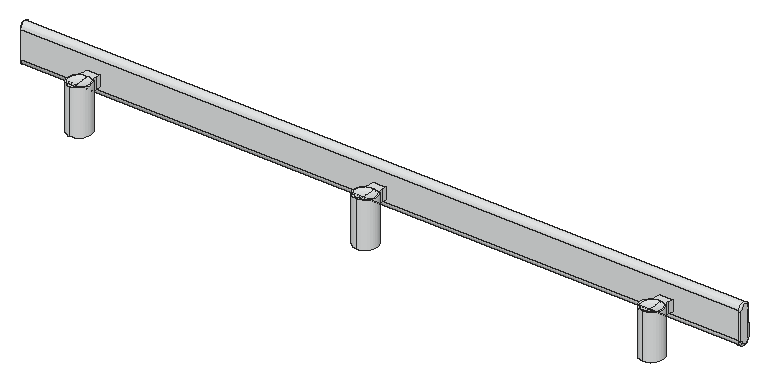
Revit family "Accessory-Shower_Bar-KOHLER-CHOREOGRAPH-K-97627", category Specialty Equipment, host Face, Revit 2021
Family settings
  Host = Face
  Round Connector Dimension = Use Diameter
  Part Type = Normal
  OmniClass Number = 23.31.25.00
  Cut with Voids When Loaded = No
  Shared = No
  Room Calculation Point = No
Parameters (values of type "SHP- Bright Polished Silver")
  Width = 3 1/2"  # constant formula
  WaterSense Certified = 1 = 0  # no
  URL = "https://www.us.kohler.com/us/"
  Type = 1
  Product Page URL = "http://www.us.kohler.com/us/catalog/productDetails.jsp?productNumber=97627"
  Product Name = "Choreograph"  # constant formula
  Product Documentation Link = "https://www.us.kohler.com/webassets/kpna/catalog/pdf/en/K-97627_spec.pdf"
  Model = if(Type = 1, "K-97627-SHP", if(Type = 2, "K-97627-ABZ", if(Type = 3, "K-97627-BNK", if(Type = 4, "K-97627-2MB", if(Type = 5, "K-97627-BL", "NA")))))  # "K-97627-SHP"
  Material = "Anodized Aluminum"  # constant formula
  Master Format 2014 Name = "Toilet, Bath, and Laundry Accessories"  # constant formula
  Master Format 2014 = "10 28 00"  # constant formula
  Manufacturer Address = "444 Highland Dr, Kohler, WI 53044"  # constant formula
  Manufacturer = "Kohler Co."  # constant formula
  Length = 40.25984"  # constant formula
  Height = 2 1/4"  # constant formula
  Finish = Kohler-Metal-SHP-Bright_Polished_Silver
  Environmental Product Declaration = ""
  Description = "40 Inch Shower Barre"  # constant formula
  Default Elevation = 42"
  Declare Label = ""
  Date Modified = "09/15/2024"  # constant formula
  Date Created = "03/04/2019"  # constant formula
  Copyright = "Copyright Kohler Co."  # constant formula
  Contact Us = "https://www.us.kohler.com/us/static/contact.jsp"
  Assembly Code = "C1030200"
  ADA Compliant = 1 = 0  # no
Types (5): name | Type | Model | Finish
  SHP- Bright Polished Silver | 1 | "K-97627-SHP" | Kohler-Metal-SHP-Bright_Polished_Silver
  ABZ- Anodized Dark Bronze | 2 | "K-97627-ABZ" | Kohler-Metal-ABZ-Anodized_Dark_Bronze
  BNK- Anodized Brushed Nickel | 3 | "K-97627-BNK" | Kohler-Metal-BNK-Anodized_Brushed_Nickel
  2MB-Vibrant Brushed Moderne Brass | 4 | "K-97627-2MB" | Kohler-Metal-2MB-Vibrant_Brushed_Moderne_Brass
  BL-Matte Black | 5 | "K-97627-BL" | Kohler-Metal-BL-Matte_Black
Reference planes (in)
  plane 1 "Center (Front/Back)": y = 0
  plane 2: z = 0
  plane 3 "Center (Left/Right)": x = 0
  plane 4: x = -16
  plane 5: x = 16
  plane 6: x = -20.12992
  plane 7: x = 20.12992
  plane 8: z = 3.5
  plane 9: z = 1.3796
  plane 10: y = -0.6238
  plane 11: y = -2.25
  plane 12: y = -1.62356
Dimensions and locks (in)
  "Width": plane 8 to plane 2
  "Length": plane 6 to plane 7
  "Height": plane 11 to plane 1 "Center (Front/Back)"
  aligned and locked: plane 2 to host face
  aligned and locked: level to host face
  aligned and locked: plane 12 to nested 1
  aligned and locked: nested 1 to plane 3 "Center (Left/Right)"
Automatic sketch dimensions
  host sketch curve to host sketch curve = 96"  (x2)
Nested families (in)
  nested 1: "K-97627" at (0, -1.62356, 0) x (-1, 0, 0) z (0, 0, 1), type "K-97627"
Definition of nested family "K-97627"
  Parameters (values of type "K-97627")
    ii = 32"
    Material = none
    Default Elevation = 0"
  Reference planes (in)
    plane 1 "Center (Front/Back)": y = 0
    plane 2: z = 0
    plane 3 "Center (Left/Right)": x = 0
    plane 4 "aa": x = -16
    plane 5 "bb": x = 16
    plane 6: z = 3.5
    plane 7: y = 0.62644
    plane 8: y = -1.62356
    plane 9: z = 1.3796
    plane 10: x = -20.12992
    plane 11: x = 20.12992
  Forms (in)
    Extrusion 1, solid, material <- "Material", detail levels medium+fine
      sketch origin (0, 0, 0) x (0, 1, 0) y (0, 0, 1)
        loop
          line (-1.62356, 3.1915) -> (-1.62356, 1.6915)
          arc (-1.62356, 1.6915) -> (-1.31166, 1.3796) -> (-0.99976, 1.6915) r 0.3119
          line (-0.99976, 1.6915) -> (-0.99976, 3.1915)
          arc (-0.99976, 3.1915) -> (-1.31166, 3.5034) -> (-1.62356, 3.1915) r 0.3119
      from -20.13161 to 20.13379
    Extrusion 2, solid, material <- "Material", detail levels medium+fine
      sketch origin (33, 0, 0) x (1, 0, 0) y (0, 1, 0)
        loop
          line (-17.34375, -0.99856) -> (-16.65673, -0.99856) -> (-16.65673, -0.69527)
          arc (-16.65673, -0.69527) -> (-16.63064, -0.55238) -> (-16.55574, -0.42793) r 0.40435
          line (-16.55574, -0.42793) -> (-16.61311, -0.42793)
          arc (-16.61311, -0.42793) -> (-16.99836, -0.59498) -> (-17.38362, -0.42793) r 0.52779
          line (-17.38362, -0.42793) -> (-17.44473, -0.42793)
          arc (-17.44473, -0.42793) -> (-17.36984, -0.55238) -> (-17.34375, -0.69527) r 0.40435
          line (-17.34375, -0.69527) -> (-17.34375, -0.99856)
      from 1.87311 to 2.4865
    Extrusion 3, solid, material <- "Material", detail levels coarse
      sketch origin (0, 0, 0) x (1, 0, 0) y (0, 1, 0)
        loop
          circle (-16, -0.00066) r 0.62442
        loop
          circle (0, -0.00066) r 0.62442
        loop
          circle (16, -0.00066) r 0.62442
      from 0 to 2.4865
    Extrusion 4, solid, material <- "Material", detail levels coarse
      sketch origin (0, 0, 0) x (1, 0, 0) y (0, 1, 0)
        loop
          line (-20.13122, -0.99976) -> (-20.13122, -1.62356) -> (20.13674, -1.62356) -> (20.13674, -0.99976) -> (-20.13122, -0.99976)
      from 1.37922 to 3.50683
    Extrusion 5, solid, material <- "Material", detail levels coarse
      sketch origin (0, 0, 0) x (1, 0, 0) y (0, 1, 0)
        loop
          line (-0.41728, -0.25294) -> (-0.41728, -0.99976) -> (0.41728, -0.99976) -> (0.41728, -0.25294) -> (-0.41728, -0.25294)
        loop
          line (-16.41728, -0.25294) -> (-16.41728, -0.99976) -> (-15.58272, -0.99976) -> (-15.58272, -0.25294) -> (-16.41728, -0.25294)
        loop
          line (15.58272, -0.25294) -> (15.58272, -0.99976) -> (16.41728, -0.99976) -> (16.41728, -0.25294) -> (15.58272, -0.25294)
      from 1.87311 to 2.4865
    Revolve 6, solid, material <- "Material", detail levels medium+fine
      sketch origin (0, 0, 0) x (0, 1, 0) y (0, 0, 1)
        loop
          line (0.62376, 2.4865) -> (0.54604, 2.4865)
          arc (0.54604, 2.4865) -> (0.2768, 2.41536) -> (-0.00066, 2.39148) r 1.61648
          line (-0.00066, 2.39148) -> (-0.00066, 0) -> (0.62376, 0) -> (0.62376, 2.4865)
        axis (-0.00066, 2.4865) -> (-0.00066, 0)
      angle from 0 to 360
    Revolve 7, solid, material <- "Material", detail levels medium+fine
      sketch origin (16, 0, 0) x (0, 0, 1) y (0, -1, 0)
        loop
          line (2.4865, -0.62376) -> (2.4865, -0.54604)
          arc (2.4865, -0.54604) -> (2.41536, -0.2768) -> (2.39148, 0.00066) r 1.61648
          line (2.39148, 0.00066) -> (0, 0.00066) -> (0, -0.62376) -> (2.4865, -0.62376)
        axis (2.4865, 0.00066) -> (0, 0.00066)
      angle from 0 to 360
    Revolve 8, solid, material <- "Material", detail levels medium+fine
      sketch origin (-16, 0, 0) x (0, 0, 1) y (0, -1, 0)
        loop
          line (2.4865, -0.62376) -> (2.4865, -0.54604)
          arc (2.4865, -0.54604) -> (2.41536, -0.2768) -> (2.39148, 0.00066) r 1.61648
          line (2.39148, 0.00066) -> (0, 0.00066) -> (0, -0.62376) -> (2.4865, -0.62376)
        axis (2.4865, 0.00066) -> (0, 0.00066)
      angle from 0 to 360
    Extrusion 9, solid, material <- "Material", detail levels medium+fine
      sketch origin (18, 0, 0) x (1, 0, 0) y (0, 1, 0)
        loop
          line (-18.34375, -0.99856) -> (-17.65673, -0.99856) -> (-17.65673, -0.69527)
          arc (-17.65673, -0.69527) -> (-17.63064, -0.55238) -> (-17.55574, -0.42793) r 0.40435
          line (-17.55574, -0.42793) -> (-17.61311, -0.42793)
          arc (-17.61311, -0.42793) -> (-17.99836, -0.59498) -> (-18.38362, -0.42793) r 0.52779
          line (-18.38362, -0.42793) -> (-18.44473, -0.42793)
          arc (-18.44473, -0.42793) -> (-18.36984, -0.55238) -> (-18.34375, -0.69527) r 0.40435
          line (-18.34375, -0.69527) -> (-18.34375, -0.99856)
      from 1.87311 to 2.4865
    Extrusion 10, solid, material <- "Material", detail levels medium+fine
      sketch origin (3, 0, 0) x (1, 0, 0) y (0, 1, 0)
        loop
          line (-19.34375, -0.99856) -> (-18.65673, -0.99856) -> (-18.65673, -0.69527)
          arc (-18.65673, -0.69527) -> (-18.63064, -0.55238) -> (-18.55574, -0.42793) r 0.40435
          line (-18.55574, -0.42793) -> (-18.61311, -0.42793)
          arc (-18.61311, -0.42793) -> (-18.99836, -0.59498) -> (-19.38362, -0.42793) r 0.52779
          line (-19.38362, -0.42793) -> (-19.44473, -0.42793)
          arc (-19.44473, -0.42793) -> (-19.36984, -0.55238) -> (-19.34375, -0.69527) r 0.40435
          line (-19.34375, -0.69527) -> (-19.34375, -0.99856)
      from 1.87311 to 2.4865
    Sweep 11, void
      path origin (0, 0, 0) x (0, 1, 0) y (0, 0, 1)
        loop
          arc (-1.62356, 1.6915) -> (-1.31166, 1.3796) -> (-0.99976, 1.6915) r 0.3119
          line (-0.99976, 1.6915) -> (-0.99976, 3.1915)
          arc (-0.99976, 3.1915) -> (-1.31166, 3.5034) -> (-1.62356, 3.1915) r 0.3119
          line (-1.62356, 3.1915) -> (-1.62356, 1.6915)
      profile origin (0, -1.62356, 2.4415) x (0, -1, 0) y (1, 0, 0)
        loop
          arc (0, -20.05103) -> (-0.0236, -20.10801) -> (-0.08059, -20.13161) r 0.08059
          line (-0.08059, -20.13161) -> (0, -20.13161) -> (0, -20.05103)
        loop
          line (0, 20.0532) -> (0, 20.13379) -> (-0.08059, 20.13379)
          arc (-0.08059, 20.13379) -> (-0.0236, 20.11019) -> (0, 20.0532) r 0.08059
  Cuts and joins
    joined: Extrusion 3, Extrusion 4, Extrusion 5
    Sweep 11 cuts Extrusion 1
    joined: Extrusion 1, Extrusion 2, Revolve 6, Revolve 7, Revolve 8, Extrusion 9, Extrusion 10
  Lines and regions (in)
    Masking region 1
      outline origin (0, 0, 0) x (1, 0, 0) y (0, 1, 0)
        loop
          line (-16.34375, -0.69527) -> (-16.34375, -0.99976) -> (-20.05118, -0.99976)
          arc (-20.05118, -0.99976) -> (-20.10686, -1.02282) -> (-20.12992, -1.0785) r 0.07874
          line (-20.12992, -1.0785) -> (-20.12992, -1.54482)
          arc (-20.12992, -1.54482) -> (-20.10686, -1.6005) -> (-20.05118, -1.62356) r 0.07874
          line (-20.05118, -1.62356) -> (20.05118, -1.62356)
          arc (20.05118, -1.62356) -> (20.10686, -1.6005) -> (20.12992, -1.54482) r 0.07874
          line (20.12992, -1.54482) -> (20.12992, -1.0773)
          arc (20.12992, -1.0773) -> (20.10686, -1.02163) -> (20.05118, -0.99856) r 0.07874
          line (20.05118, -0.99856) -> (16.34375, -0.99856) -> (16.34375, -0.69527)
          arc (16.34375, -0.69527) -> (16.36949, -0.55853) -> (16.4432, -0.44051) r 0.37602
          arc (16.4432, -0.44051) -> (16.01201, 0.62638) -> (15.54028, -0.42321) r 0.62554
          arc (15.54028, -0.42321) -> (15.62639, -0.5473) -> (15.65673, -0.69527) r 0.37602
          line (15.65673, -0.69527) -> (15.65673, -0.99856) -> (0.34375, -0.99856) -> (0.34375, -0.69527)
          arc (0.34375, -0.69527) -> (0.36949, -0.55853) -> (0.4432, -0.44051) r 0.37602
          arc (0.4432, -0.44051) -> (0.01202, 0.62644) -> (-0.45972, -0.42321) r 0.62556
          arc (-0.45972, -0.42321) -> (-0.37361, -0.5473) -> (-0.34327, -0.69527) r 0.37602
          line (-0.34327, -0.69527) -> (-0.34327, -0.99856) -> (-15.65673, -0.99856) -> (-15.65673, -0.69527)
          arc (-15.65673, -0.69527) -> (-15.62639, -0.5473) -> (-15.54028, -0.42321) r 0.37602
          arc (-15.54028, -0.42321) -> (-16.01201, 0.62641) -> (-16.4432, -0.44051) r 0.62555
          arc (-16.4432, -0.44051) -> (-16.36949, -0.55853) -> (-16.34375, -0.69527) r 0.37602
    Masking region 2
      outline origin (0, 0, 0) x (1, 0, 0) y (0, 0, 1)
        loop
          line (-20.12992, 3.42126) -> (-20.12992, 1.45834)
          arc (-20.12992, 1.45834) -> (-20.10686, 1.40266) -> (-20.05118, 1.3796) r 0.07874
          line (-20.05118, 1.3796) -> (-16.62442, 1.3796) -> (-16.62442, 0) -> (-15.37558, 0) -> (-15.37558, 1.3796) -> (-0.62442, 1.3796) -> (-0.62442, 0) -> (0.62442, 0) -> (0.62442, 1.3796) -> (15.37558, 1.3796) -> (15.37558, 0) -> (16.62442, 0) -> (16.62442, 1.3796) -> (20.05118, 1.3796)
          arc (20.05118, 1.3796) -> (20.10686, 1.40266) -> (20.12992, 1.45834) r 0.07874
          line (20.12992, 1.45834) -> (20.12992, 3.42126)
          arc (20.12992, 3.42126) -> (20.10686, 3.47694) -> (20.05118, 3.5) r 0.07874
          line (20.05118, 3.5) -> (-20.05118, 3.5)
          arc (-20.05118, 3.5) -> (-20.10686, 3.47694) -> (-20.12992, 3.42126) r 0.07874
    Masking region 3
      outline origin (0, 0, 0) x (0, 1, 0) y (0, 0, 1)
        loop
          line (-1.62356, 3.18755) -> (-1.62356, 1.6915)
          arc (-1.62356, 1.6915) -> (-1.31166, 1.3796) -> (-0.99976, 1.6915) r 0.3119
          line (-0.99976, 1.6915) -> (-0.99976, 1.87311) -> (-0.62508, 1.87311) -> (-0.62508, 0) -> (0.62644, 0) -> (0.62644, 2.4865) -> (-0.99976, 2.4865) -> (-0.99976, 3.18755)
          arc (-0.99976, 3.18755) -> (-1.31166, 3.49945) -> (-1.62356, 3.18755) r 0.3119
    symbolic lines, detail levels medium+fine
      curve 1: arc (-15.5631, -0.44699, 0) -> (-16.00024, -0.62145, 0) -> (-16.43737, -0.44699, 0) r 0.63487
      curve 2: line (-16.34375, -0.99856, 0) -> (-16.14776, -0.99856, 0)
      curve 3: line (-16.14776, -0.99856, 0) -> (-15.65673, -0.99856, 0)
      curve 4: arc (0.4369, -0.44699, 0) -> (-0.00024, -0.62145, 0) -> (-0.43737, -0.44699, 0) r 0.63487
      curve 5: line (-0.34375, -0.99856, 0) -> (-0.14776, -0.99856, 0)
      curve 6: line (-0.14776, -0.99856, 0) -> (0.34327, -0.99856, 0)
      curve 7: arc (16.4369, -0.44699, 0) -> (15.99976, -0.62145, 0) -> (15.56263, -0.44699, 0) r 0.63487
      curve 8: line (15.65625, -0.99856, 0) -> (15.85224, -0.99856, 0)
      curve 9: line (15.85224, -0.99856, 0) -> (16.34327, -0.99856, 0)
      curve 10: line (0.62176, 0, 1.3796) -> (-0.62824, 0, 1.3796)
      curve 11: line (16.62176, 0, 1.3796) -> (15.37176, 0, 1.3796)
      curve 12: line (-15.375, 0, 1.3796) -> (-16.625, 0, 1.3796)
      curve 13: line (0, -0.62145, 1.87311) -> (0, -0.44699, 1.87311)
      curve 14: line (0, -0.44699, 1.87311) -> (0, -0.44699, 2.4865)
      curve 15: line (0, -0.99976, 2.4865) -> (0, -0.99976, 1.87311)
      curve 16: circle (-16, -0.00066, 0) r 0.54669 normal (0, 0, 1)
      curve 17: circle (0, -0.00066, 0) r 0.54669 normal (0, 0, 1)
      curve 18: circle (16, -0.00066, 0) r 0.54669 normal (0, 0, 1)
      curve 19: line (-20.12992, -1.0785, 0) -> (20.12992, -1.0773, 0)
      curve 20: line (20.12992, -1.54482, 0) -> (-20.12992, -1.54482, 0)
      curve 21: line (-20, -0.99976, 0) -> (-20, -1.62356, 0)
      curve 22: line (20, -0.99976, 0) -> (20, -1.62356, 0)
      curve 23: line (-20.12992, 0, 3.42126) -> (20.12992, 0, 3.42126)
      curve 24: line (20.12992, 0, 1.45834) -> (-20.12992, 0, 1.45834)
      curve 25: line (-20, 0, 3.5) -> (-20, 0, 1.3796)
      curve 26: line (20, 0, 3.5) -> (20, 0, 1.3796)
      curve 27: line (0, -1.05882, 1.6915) -> (0, -1.05882, 3.18755)
      curve 28: arc (0, -1.05882, 3.18755) -> (0, -1.31166, 3.4404) -> (0, -1.56451, 3.18755) r 0.25285
      curve 29: line (0, -1.56451, 3.18755) -> (0, -1.56451, 1.6915)
      curve 30: arc (0, -1.56451, 1.6915) -> (0, -1.31166, 1.43865) -> (0, -1.05882, 1.6915) r 0.25285
  Dimensions and locks (in)
    plane 3 "Center (Left/Right)" to plane 4 "aa" = 16"
    plane 6 to plane 2 = 3 1/2"
    plane 8 to plane 7 = 2 1/4"
    equal spacing: plane 4 "aa", plane 3 "Center (Left/Right)", plane 5 "bb"
    aligned and locked: plane 2 to level
    aligned and locked: Masking region 2 sketch curve to plane 6
  Automatic sketch dimensions
    Extrusion 1 sketch curve to plane 8 = 0"
    Extrusion 1 sketch curve to plane 8 = 0.3119"
    Extrusion 1 sketch curve to plane 9 = 0.3119"
    plane 6 to Extrusion 1 sketch curve = 0.3085"
    plane 5 "bb" to Extrusion 2 sketch curve = 0.7481"
    Extrusion 2 sketch curve to Extrusion 2 sketch curve = 0.30337"
    Extrusion 2 sketch curve to Extrusion 2 sketch curve = 0.06112"
    plane 5 "bb" to Extrusion 2 sketch curve = 11/32"
    Extrusion 2 sketch curve to plane 5 "bb" = 0.00164"
    Extrusion 2 sketch curve to plane 5 "bb" = 0.34327"
    Extrusion 2 sketch curve to Extrusion 2 sketch curve = 0.04362"
    Extrusion 2 sketch curve to Extrusion 2 sketch curve = 0.05736"
    Extrusion 2 sketch curve to Extrusion 2 sketch curve = 0.40435"
    Extrusion 2 sketch curve to plane 8 = 5/8"
    Extrusion 2 sketch curve to Extrusion 2 sketch curve = 0.3033"
    plane 1 "Center (Front/Back)" to Extrusion 2 sketch curve = 0.06719"
    Masking region 3 sketch curve to plane 8 = 0"
    Masking region 3 sketch curve to level = 0"
    Masking region 3 sketch curve to plane 7 = 0"
    Masking region 3 sketch curve to plane 8 = 0.3119"  (x2)
    plane 1 "Center (Front/Back)" to Masking region 3 sketch curve = 0.62508"
    Masking region 3 sketch curve to plane 9 = 0.3119"
    Masking region 3 sketch curve to Masking region 3 sketch curve = 0.18161"
    plane 6 to Masking region 3 sketch curve = 0.31245"
    Extrusion 3 sketch curve to plane 4 "aa" = 0"
    Extrusion 3 sketch curve to plane 3 "Center (Left/Right)" = 0"
    Extrusion 3 sketch curve to plane 5 "bb" = 0"
    plane 1 "Center (Front/Back)" to Extrusion 3 sketch curve = 0.00066"  (x3)
    plane 8 to Extrusion 4 sketch curve = 0"
    Extrusion 4 sketch curve to plane 8 = 0.6238"
    Extrusion 5 sketch curve to plane 4 "aa" = 0.41728"
    plane 4 "aa" to Extrusion 5 sketch curve = 0.41728"
    Extrusion 5 sketch curve to plane 3 "Center (Left/Right)" = 0.41728"
    plane 3 "Center (Left/Right)" to Extrusion 5 sketch curve = 0.41728"
    plane 5 "bb" to Extrusion 5 sketch curve = 0.41728"
    Extrusion 5 sketch curve to plane 5 "bb" = 0.41728"
    Extrusion 5 sketch curve to plane 8 = 0.6238"  (x3)
    plane 1 "Center (Front/Back)" to Extrusion 5 sketch curve = 0.25294"  (x3)
    Revolve 6 sketch curve to level = 0"
    Revolve 6 sketch curve to plane 1 "Center (Front/Back)" = 0"
    plane 1 "Center (Front/Back)" to Revolve 6 sketch curve = 0.00066"  (x2)
    Revolve 6 sketch curve to plane 7 = 0.0804"
    Revolve 6 sketch curve to plane 7 = 0.00268"
    Revolve 6 sketch curve to plane 9 = 1.01189"
    Revolve 6 sketch curve to Revolve 6 sketch curve = 0.09502"
    Revolve 6 sketch curve to level = 0.40483"
    Revolve 6 sketch curve to Revolve 6 sketch curve = 1/2"
    Extrusion 9 sketch curve to plane 3 "Center (Left/Right)" = 0.7481"
    Extrusion 9 sketch curve to Extrusion 9 sketch curve = 0.30337"
    Extrusion 9 sketch curve to Extrusion 9 sketch curve = 0.06112"
    Extrusion 9 sketch curve to plane 3 "Center (Left/Right)" = 11/32"
    plane 3 "Center (Left/Right)" to Extrusion 9 sketch curve = 0.00164"
    plane 3 "Center (Left/Right)" to Extrusion 9 sketch curve = 0.34327"
    Extrusion 9 sketch curve to Extrusion 9 sketch curve = 0.04362"
    Extrusion 9 sketch curve to Extrusion 9 sketch curve = 0.05736"
    Extrusion 9 sketch curve to Extrusion 9 sketch curve = 0.40435"
    Extrusion 9 sketch curve to plane 8 = 5/8"
    Extrusion 9 sketch curve to Extrusion 9 sketch curve = 0.3033"
    plane 1 "Center (Front/Back)" to Extrusion 9 sketch curve = 0.06719"
    Extrusion 10 sketch curve to plane 4 "aa" = 0.7481"
    Extrusion 10 sketch curve to Extrusion 10 sketch curve = 0.30337"
    Extrusion 10 sketch curve to Extrusion 10 sketch curve = 0.06112"
    Extrusion 10 sketch curve to plane 4 "aa" = 11/32"
    plane 4 "aa" to Extrusion 10 sketch curve = 0.00164"
    plane 4 "aa" to Extrusion 10 sketch curve = 0.34327"
    Extrusion 10 sketch curve to Extrusion 10 sketch curve = 0.04362"
    Extrusion 10 sketch curve to Extrusion 10 sketch curve = 0.05736"
    Extrusion 10 sketch curve to Extrusion 10 sketch curve = 0.40435"
    Extrusion 10 sketch curve to plane 8 = 5/8"
    Extrusion 10 sketch curve to Extrusion 10 sketch curve = 0.3033"
    plane 1 "Center (Front/Back)" to Extrusion 10 sketch curve = 0.06719"
    Revolve 8 sketch curve to level = 0"
    Revolve 8 sketch curve to plane 1 "Center (Front/Back)" = 0"
    plane 1 "Center (Front/Back)" to Revolve 8 sketch curve = 0.00066"  (x2)
    Revolve 8 sketch curve to plane 9 = 1.01189"
    Revolve 8 sketch curve to plane 7 = 0.0804"
    Revolve 8 sketch curve to Revolve 8 sketch curve = 0.09502"
    Revolve 8 sketch curve to plane 7 = 0.00268"
    Revolve 8 sketch curve to Revolve 8 sketch curve = 0.40483"
    level to Revolve 8 sketch curve = 1/2"
    Revolve 7 sketch curve to level = 0"
    Revolve 7 sketch curve to plane 1 "Center (Front/Back)" = 0"
    Revolve 7 sketch curve to plane 1 "Center (Front/Back)" = 0.00066"  (x2)
    plane 9 to Revolve 7 sketch curve = 1.01189"
    plane 7 to Revolve 7 sketch curve = 0.0804"
    Revolve 7 sketch curve to Revolve 7 sketch curve = 0.09502"
    plane 7 to Revolve 7 sketch curve = 0.00268"
    Revolve 7 sketch curve to Revolve 7 sketch curve = 0.40483"
    Revolve 7 sketch curve to level = 1/2"
    Extrusion 4 sketch curve to plane 4 "aa" = 4.13122"
    Extrusion 4 sketch curve to plane 5 "bb" = 4 35/256"
    Masking region 1 sketch curve to plane 10 = 0"
    plane 8 to Masking region 1 sketch curve = 0"
    Masking region 1 sketch curve to plane 11 = 0"
    plane 10 to Masking region 1 sketch curve = 0.07874"  (x2)
    Masking region 1 sketch curve to plane 4 "aa" = 0.71977"
    Masking region 1 sketch curve to plane 4 "aa" = 11/32"
    Masking region 1 sketch curve to plane 4 "aa" = 0.00003"
    plane 4 "aa" to Masking region 1 sketch curve = 0.34327"
    Masking region 1 sketch curve to Masking region 1 sketch curve = 0.37602"  (x3)
    Masking region 1 sketch curve to plane 3 "Center (Left/Right)" = 0.7193"
    Masking region 1 sketch curve to plane 3 "Center (Left/Right)" = 0.34327"
    plane 3 "Center (Left/Right)" to Masking region 1 sketch curve = 0.00003"
    plane 3 "Center (Left/Right)" to Masking region 1 sketch curve = 11/32"
    plane 5 "bb" to Masking region 1 sketch curve = 0.7193"
    plane 5 "bb" to Masking region 1 sketch curve = 0.34327"
    Masking region 1 sketch curve to plane 5 "bb" = 0.00003"
    Masking region 1 sketch curve to plane 5 "bb" = 11/32"
    Masking region 1 sketch curve to plane 8 = 0.07874"
    Masking region 1 sketch curve to plane 11 = 0.07874"
    Masking region 1 sketch curve to Masking region 1 sketch curve = 0.46632"
    Masking region 1 sketch curve to Masking region 1 sketch curve = 0.46752"
    Masking region 1 sketch curve to plane 8 = 5/8"  (x2)
    Masking region 1 sketch curve to Masking region 1 sketch curve = 0.3033"  (x5)
    Masking region 1 sketch curve to Masking region 1 sketch curve = 0.30449"
    Masking region 1 sketch curve to plane 1 "Center (Front/Back)" = 0.00096"
    Masking region 1 sketch curve to plane 1 "Center (Front/Back)" = 0.00098"
    Masking region 1 sketch curve to plane 1 "Center (Front/Back)" = 0.001"
    Masking region 1 sketch curve to Masking region 1 sketch curve = 0.09945"
    Masking region 1 sketch curve to Masking region 1 sketch curve = 0.11645"  (x2)
    curve 19 to plane 10 = 0"
    curve 20 to plane 10 = 0"
    plane 8 to curve 21 = 0"
    curve 16 to plane 4 "aa" = 0"
    curve 17 to plane 3 "Center (Left/Right)" = 0"
    curve 18 to plane 5 "bb" = 0"
    plane 8 to curve 22 = 0"
    curve 20 to plane 11 = 0"
    curve 19 to plane 11 = 0"
    curve 3 to plane 4 "aa" = 0.14776"
    curve 1 to plane 4 "aa" = 0.00024"
    curve 5 to plane 3 "Center (Left/Right)" = 0.14776"
    curve 4 to plane 3 "Center (Left/Right)" = 0.00024"
    plane 5 "bb" to curve 9 = 0.14776"
    plane 5 "bb" to curve 7 = 0.00024"
    curve 5 to plane 8 = 5/8"
    curve 3 to plane 8 = 5/8"
    curve 8 to plane 8 = 5/8"
    plane 1 "Center (Front/Back)" to curve 17 = 0.00066"
    plane 1 "Center (Front/Back)" to curve 16 = 0.00066"
    plane 1 "Center (Front/Back)" to curve 18 = 0.00066"
    curve 4 to plane 1 "Center (Front/Back)" = 0.01341"
    curve 1 to plane 1 "Center (Front/Back)" = 0.01341"
    curve 7 to plane 1 "Center (Front/Back)" = 0.01341"
    plane 10 to curve 21 = 0.12992"
    curve 1 to plane 4 "aa" = 0.43737"
    curve 2 to curve 2 = 0.19599"
    plane 4 "aa" to curve 3 = 0.34327"
    plane 4 "aa" to curve 1 = 0.4369"
    curve 4 to plane 3 "Center (Left/Right)" = 0.43737"
    curve 5 to curve 5 = 0.19599"
    plane 3 "Center (Left/Right)" to curve 6 = 0.34327"
    plane 3 "Center (Left/Right)" to curve 4 = 0.4369"
    plane 5 "bb" to curve 7 = 0.43737"
    curve 8 to curve 8 = 0.19599"
    curve 9 to plane 5 "bb" = 0.34327"
    curve 7 to plane 5 "bb" = 0.4369"
    curve 22 to plane 11 = 0.12992"
    curve 20 to plane 8 = 0.07874"
    curve 20 to curve 19 = 0.46632"
    curve 20 to curve 19 = 0.46752"
    curve 19 to curve 22 = 0.07754"
    curve 19 to curve 21 = 0.07874"
    plane 1 "Center (Front/Back)" to curve 4 = 0.44699"
    plane 1 "Center (Front/Back)" to curve 1 = 0.44699"
    plane 1 "Center (Front/Back)" to curve 7 = 0.44699"
    Masking region 2 sketch curve to plane 10 = 0"
    Masking region 2 sketch curve to plane 9 = 0"  (x4)
    Masking region 2 sketch curve to level = 0"  (x3)
    Masking region 2 sketch curve to plane 11 = 0"
    plane 6 to Masking region 2 sketch curve = 0.07874"
    Masking region 2 sketch curve to Masking region 2 sketch curve = 0.07874"  (x2)
    Masking region 2 sketch curve to plane 4 "aa" = 0.62442"
    plane 4 "aa" to Masking region 2 sketch curve = 0.62442"
    Masking region 2 sketch curve to plane 3 "Center (Left/Right)" = 0.62442"
    plane 3 "Center (Left/Right)" to Masking region 2 sketch curve = 0.62442"
    plane 5 "bb" to Masking region 2 sketch curve = 0.62442"
    Masking region 2 sketch curve to plane 5 "bb" = 0.62442"
    Masking region 2 sketch curve to plane 11 = 0.07874"
    curve 24 to plane 10 = 0"
    curve 23 to plane 10 = 0"
    curve 25 to plane 6 = 0"
    curve 25 to plane 9 = 0"
    curve 12 to plane 9 = 0"
    curve 10 to plane 9 = 0"
    curve 11 to plane 9 = 0"
    curve 26 to plane 6 = 0"
    curve 26 to plane 9 = 0"
    curve 23 to plane 11 = 0"
    curve 24 to plane 11 = 0"
    plane 10 to curve 25 = 0.12992"
    curve 12 to plane 4 "aa" = 5/8"
    plane 4 "aa" to curve 12 = 5/8"
    curve 10 to plane 3 "Center (Left/Right)" = 0.62824"
    plane 3 "Center (Left/Right)" to curve 10 = 0.62176"
    plane 5 "bb" to curve 11 = 0.62824"
    curve 11 to plane 5 "bb" = 0.62176"
    curve 26 to plane 11 = 0.12992"
    curve 24 to plane 9 = 0.07874"
    plane 6 to curve 23 = 0.07874"
    plane 6 to Masking region 3 sketch curve = 1.0135"
    curve 29 to plane 8 = 0.05906"
    curve 30 to curve 30 = 0.25285"
    plane 1 "Center (Front/Back)" to curve 13 = 0.44699"
    curve 29 to plane 9 = 0.3119"
    curve 14 to plane 9 = 0.49351"
    plane 6 to curve 27 = 0.31245"
    curve 15 to curve 14 = 0.55277"
    curve 13 to curve 13 = 0.17447"
    curve 30 to curve 15 = 0.18161"
    curve 15 to curve 15 = 0.61339"
    curve 15 to curve 14 = 0"
    Sweep 11 sketch curve to plane 8 = 0"
    Sweep 11 sketch curve to plane 8 = 0.3119"
    Sweep 11 sketch curve to plane 9 = 0.3119"
    plane 6 to Sweep 11 sketch curve = 0.3085"
    Sweep 11 sketch curve to profile plane = 0"  (x2)
    Sweep 11 sketch curve to Sweep 11 sketch curve = 0.08059"  (x2)
    Sweep 11 sketch curve to plane 3 "Center (Left/Right)" = 20.13161"
    plane 3 "Center (Left/Right)" to Sweep 11 sketch curve = 20.0532"
    radius of Extrusion 3 sketch curve = 0.62442"  (x3)
    radius of curve 16 = 0.54669"
    radius of curve 17 = 0.54669"
    radius of curve 18 = 0.54669"
